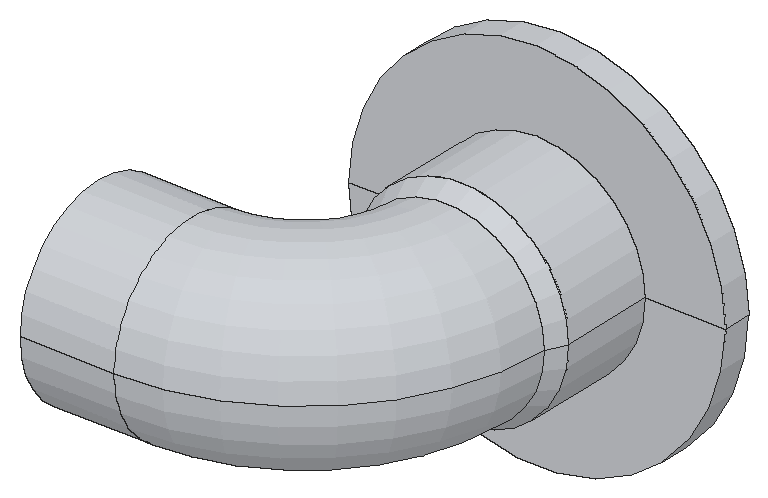
Revit family "7a3ae905ec5f48858afb5e0ba006346b", category Pipe Fittings, Revit 2021
Family settings
  Round Connector Dimension = Use Radius
  Part Type = Elbow
  OmniClass Number = 23.60.30.11.14
  OmniClass Title = Pipework Fittings
  Seek Item ID = Elbow - Threaded - MI - Class 300-0000-USA-ENU
  Work Plane-Based = No
  Always vertical = Yes
  Cut with Voids When Loaded = No
  Shared = No
Parameters (values of type "Standard")
  Tick Size [instance] = Fitting Outside Diameter * 0.4  # 1.5840"
  Socket Outside Radius [instance] = Socket Outside Diameter / 2  # 2.1750"
  Socket Outside Diameter [instance] = size_lookup(Lookup Table Name, "SOD", 1.08 * Nominal Diameter + 1.1200", Nominal Diameter)  # 4.3500"
  Socket Depth [instance] = if(Nominal Diameter < 14.0000", 2.5000", if(Nominal Diameter < 30.0000", 3.5000", 4.0000"))  # 2.5000"
  Lookup Table Name = "Bend Compact - MJ x PE - DI - Class 350"
  Length 5 [instance] = Bevel Length + Socket Depth  # 2.8900"
  Length 3 [instance] = sin(Angle) * (Center to Socket Bottom + Socket Depth)  # 5.7500"
  Length 2 [instance] = cos(Angle) * (Center to Socket Bottom + Socket Depth)  # 0.0000"
  Length 1 [instance] = Center to Socket Bottom - Bevel Length  # 2.8600"
  Gland Width [instance] = size_lookup(Lookup Table Name, "GWid", 0.03 * Nominal Diameter + 0.9400", Nominal Diameter)  # 0.5800"
  Gland Outside Radius [instance] = Gland Outside Diameter / 2  # 3.8100"
  Gland Outside Diameter [instance] = size_lookup(Lookup Table Name, "GOD", 1.16 * Nominal Diameter + 4.0300", Nominal Diameter)  # 7.6200"
  Fitting Outside Radius [instance] = Fitting Outside Diameter / 2  # 1.9800"
  Nominal Radius [instance] = 1.5000"
  Nominal Diameter [instance] = Nominal Radius * 2  # 3.0000"
  Loss Method = K Coefficient from Table
  K Coefficient Table = "Long Radius Elbow"
  Fitting Outside Diameter [instance] = size_lookup(Lookup Table Name, "FOD", 1.04 * Nominal Diameter + 0.7000", Nominal Diameter)  # 3.9600"
  Default Elevation = 0.0000"
  Center to Socket Bottom [instance] = size_lookup(Lookup Table Name, "CtSB", Center to Socket Bottom Not Found, Nominal Diameter, Angle)  # 3.2500"
  Center to End [instance] = size_lookup(Lookup Table Name, "CtE", Center to Socket Bottom + 1.0000", Nominal Diameter, Angle)  # 4.7500"
  Center Radius [instance] = Length 1 / tan(Angle / 2)  # 2.8600"
  Center to Socket Bottom Not Found [instance] = if(Angle < 11.25°, 0.1 * Nominal Diameter + 0.9000", (sin(Angle) * 0.71 * Nominal Diameter) + 1.0000")  # 3.1300"
  Bevel Length [instance] = size_lookup(Lookup Table Name, "BvLgt", 0.04 * Nominal Diameter + 0.4300", Nominal Diameter)  # 0.3900"
  Assembly Code = ""
  Angle [instance] = 90.00°
Reference planes (in)
  plane 1 "Center (Front/Back)": y = 0
  plane 2: z = 0
  plane 3 "Center (Left/Right)": x = 0
  plane 4: x = -2.86
  plane 5: y = 2.86
  plane 6: y = 1.584
  plane 7: y = -1.584
  plane 8: x = 0
  plane 9: y = 5.75
  plane 10: x = -4.75
Forms (in)
  Revolve 1, solid, detail levels fine
    sketch origin (0, 5.75, 0) x (0, -1, 0) y (1, 0, 0)
      loop
        line (0, 0) -> (0, -3.81) -> (0.58, -3.81) -> (0.58, -2.175) -> (2.5, -2.175) -> (2.89, -1.98) -> (2.89, 0) -> (0, 0)
      axis (0, 0) -> (2.89, 0)
    angle from 0 to 360
  Sweep 2, solid, detail levels fine
    path origin (0, 0, 0) x (1, 0, 0) y (0, 1, 0)
      loop
        arc (-2.86, 0) -> (-0.83767, 0.83767) -> (0, 2.86) r 2.86
    profile origin (-2.86, 0, 0) x (0, 1, 0) y (0, 0, 1)
      loop
        circle (0, 0) r 1.98
  Extrusion 3, solid, detail levels fine
    sketch origin (0, 0, 0) x (0, 1, 0) y (0, 0, 1)
      loop
        circle (0, 0) r 1.98
    from -4.75 to -2.86
Cuts and joins
  joined: Revolve 1, Sweep 2, Extrusion 3
Lines and regions (in)
  model lines, style "PipeFitting", detail levels coarse+medium
    curve 1: line (-4.75, 0, 0) -> (-2.86, 0, 0)
    curve 2: arc (-2.86, 0, 0) -> (-0.83767, 0.83767, 0) -> (0, 2.86, 0) r 2.86
    curve 6: line (0, 5.75, 0) -> (0, 2.86, 0)
  model lines, detail levels coarse+medium
    curve 3: line (-4.75, 0, 0) -> (-4.75, 1.584, 0)
    curve 4: line (-4.75, 0, 0) -> (-4.75, -1.584, 0)
    curve 7: line (1.584, 5.75, 0) -> (-1.584, 5.75, 0)
  reference lines, not visible
    curve 5: line (0, 5.75, 0) -> (0, -1.56472, 0)
Dimensions and locks (in)
  "Center Radius": plane 5 to plane 1 "Center (Front/Back)"
  "Tick Size": plane 6 to plane 1 "Center (Front/Back)"
  "Tick Size": plane 7 to plane 1 "Center (Front/Back)"
  "Socket Outside Radius": Revolve 1 sketch curve to Revolve 1 sketch curve
  "Gland Width": Revolve 1 sketch curve to Revolve 1 sketch curve
  "Fitting Outside Radius": Revolve 1 sketch curve to Revolve 1 sketch curve
  "Gland Outside Radius": Revolve 1 sketch curve to Revolve 1 sketch curve
  "Socket Depth": Revolve 1 sketch curve to Revolve 1 sketch curve
  "Length 1": plane 4 to plane 3 "Center (Left/Right)"
  "Length 3": plane 9 to plane 1 "Center (Front/Back)"
  "Length 2": plane 3 "Center (Left/Right)" to plane 8
  "Length 5": Revolve 1 sketch curve to Revolve 1 sketch curve
  "Length 5": curve 6 to curve 6
  "Tick Size": curve 7 to curve 6
  "Tick Size": curve 6 to curve 7
  "Center to End": plane 10 to plane 3 "Center (Left/Right)"
  "Center Radius": radius of curve 2
  "Center Radius": radius of Sweep 2 sketch curve
  "Fitting Outside Radius": radius of Sweep 2 sketch curve
  "Fitting Outside Radius": radius of Extrusion 3 sketch curve
  "Angle": angle curve 2 to curve 2
  "Angle": angle plane 9 to curve 5
  "Angle": angle Sweep 2 sketch curve to Sweep 2 sketch curve
  locked: curve 6 to curve 7 (angle 90.00°)
  aligned and locked: plane 4 to curve 2
  aligned and locked: plane 6 to curve 3
  aligned and locked: plane 1 "Center (Front/Back)" to curve 4
  aligned and locked: plane 7 to curve 4
  aligned and locked: plane 8 to curve 5
  aligned and locked: plane 9 to curve 5
  aligned and locked: Revolve 1 sketch curve to curve 5
  aligned and locked: curve 4 to plane 10
  aligned and locked: plane 5 to Sweep 2 sketch curve
  aligned and locked: curve 5 to curve 6
  aligned and locked: plane 4 to Sweep 2 sketch curve
  aligned and locked: plane 1 "Center (Front/Back)" to Extrusion 3 sketch curve
  aligned and locked: plane 2 to Extrusion 3 sketch curve
  aligned and locked: Extrusion 3 to plane 10
  aligned and locked: plane 4 to Extrusion 3
Automatic sketch dimensions
  Revolve 1 sketch curve to curve 5 = 0.0000"  (x2)
  Revolve 1 sketch curve to Revolve 1 sketch curve = 1.0000"
  Revolve 1 sketch curve to Revolve 1 sketch curve = 0.78127"
  Sweep 2 sketch curve to level = 0.0000"
  Sweep 2 sketch curve to profile plane = 0.0000"
Connectors (in)
  piping at (-4.75, 0, 0), diameter 3, driven by "Nominal Radius", driven by "Angle"
    settings: on Extrusion 3, index 1, connector inside diameter 3.0000", connector length 0.0000", flow factor 0, pipe flow 0 GPM, pressure drop 0.00 psi, fitting loss kfactor 0, connector angle 90.00°, fixture units 0, engagement length 0.0000", angle of deflection 0.00°, flow configuration 0, flow direction 0, fitting loss method 0, system type 28, joint type 0, gender type 0, connector reference index 2, connector utility 0, adjustable connector no, is connector primary yes, connector description ""
  piping at (0, 5.75, 0), diameter 3, driven by "Nominal Radius", driven by "Angle"
    settings: on Revolve 1, index 2, connector inside diameter 3.0000", connector length 0.0000", flow factor 0, pipe flow 0 GPM, pressure drop 0.00 psi, fitting loss kfactor 0, connector angle 90.00°, fixture units 0, engagement length 0.0000", angle of deflection 0.00°, flow configuration 0, flow direction 0, fitting loss method 0, system type 28, joint type 0, gender type 0, connector reference index 1, connector utility 0, adjustable connector no, is connector primary no, connector description ""
